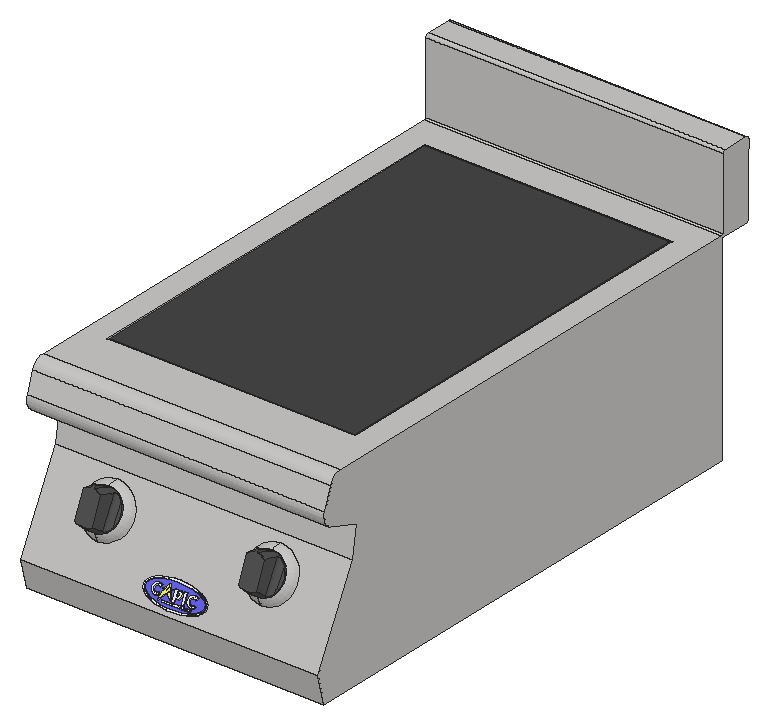
Revit family "QF_CAPIC_AVEN_W541611", category Equipement spécialisé, Revit 2018
Family settings
  Cote de connecteur circulaire = Utiliser le diamètre
  Type d'élément = Normal
  Numéro OmniClass = 23.40.40.14
  Titre OmniClass = Food Service Equipment
  Basée sur le plan de construction = Non
  Toujours verticalement = Oui
  Couper avec des vides une fois chargée = Non
  Partagée = Non
  Point de calcul de pièce = Non
Parameters (values of type "400 x 725 x 270 mm")
  URL catalogue = "http://www.capic-fr.com/fr/"
  Type de Raccord Plomberie [instance] = ""
  Type de Raccord Electrique [instance] = "Bornier interne"
  Type de Gaz = ""
  Type article [instance] = ""
  Tension = 4000 V
  Spécification du Fabricant = ""
  Show Logo = yes
  Remarques evacuation [instance] = ""
  Remarques Plomberie [instance] = ""
  Remarques Electricité [instance] = "400Vx3 +T"
  Puissance électrique  = 7600 W
  Puissance Gaz kW = 0
  Profondeur hors tout = 725 mm
  Pression Maximum Eau Adoucie = 0.0 Pa
  Poids net à vide = 35.00 kg
  Phase = 0
  Modèle = "W541611"
  Longueur hors tout = 400 mm
  Intensité nominale = 0 A
  Hauteur hors tout = 390 mm
  Hauteur de Raccordement du Sol Finis = 0 mm
  Hauteur de Raccordement Gaz du Sol Finis = 0 mm
  Hauteur de Raccordement Evacuation Directe du Sol Finis = 0 mm
  Hauteur de Raccordement Eau Froide du Sol Finis = 0 mm
  Hauteur de Raccordement Eau Chaude du Sol Finis = 0 mm
  Hauteur de Raccordement Eau Adoucie du Sol Finis = 0 mm
  Fréquence = 50 Hz
  Fabricant = "CAPIC"
  Débit d'air d'extraction = 0.0 m³/h
  Débit Gaz = 0.0 L/s
  Débit Eau Froide = 0.0 L/s
  Débit Eau Chaude = 0.0 L/s
  Débit Eau Adoucie = 0.0 L/s
  Diamètre de Raccordement Gaz = 0 mm
  Diamètre de Raccordement Evacuation = 0 mm
  Diamètre de Raccordement Eau Froide = 0 mm
  Diamètre de Raccordement Eau Chaude = 0 mm
  Diamètre de Raccordement Eau Adoucie = 0 mm
  Description = "2 Foyers rayonnants"
  Assembly Code = ""
  Classification  Omniclass nombre et titre = "23.40.40.14"
Reference planes
  plane 1 "Centre (avant/arrière)": y = 0
  plane 2: z = 0
  plane 3 "Centre (gauche/droite)": x = 0
  plane 4: x = 400
Forms (mm)
  Extrusion 1, solid, material "QF_Stainless Steel-Brushed"
    sketch origin (0, -45.05, 638) x (0, 1, 0) y (0, 0, 1)
      loop
        line (1.05, 270.397) -> (-641.347, 270.397)
        arc (-641.347, 270.397) -> (-651.671, 267.142) -> (-658.261, 258.553) r 18
        line (-658.261, 258.553) -> (-667.837, 232.245)
        arc (-667.837, 232.245) -> (-667.236, 218.482) -> (-657.078, 209.174) r 18
        line (-657.078, 209.174) -> (-613.251, 193.222) -> (-619.754, 152.161) -> (-680.074, 38.717) -> (-668.972, 0) -> (0, 0) -> (0, 268.397) -> (42.05, 268.397) -> (44.05, 270.397) -> (44.05, 356.397) -> (45.05, 356.397) -> (45.05, 368.397)
        arc (45.05, 368.397) -> (43.878, 371.225) -> (41.05, 372.397) r 4
        line (41.05, 372.397) -> (7.05, 372.397)
        arc (7.05, 372.397) -> (4.222, 371.225) -> (3.05, 368.397) r 4
        line (3.05, 368.397) -> (3.05, 272.397)
        arc (3.05, 272.397) -> (2.464, 270.983) -> (1.05, 270.397) r 2
    from 0 to 400
  Extrusion 2, void
    sketch origin (0, -44, 908.397) x (1, 0, 0) y (0, -1, 0)
      loop
        line (33, 42) -> (367, 42) -> (367, 576) -> (33, 576) -> (33, 42)
    from 0 to 20
  Extrusion 3, solid, material "QF_Metal Sheet-Black"
    sketch origin (0, -44, 908.397) x (0, -1, 0) y (1, 0, 0)
      loop
        line (44, 365) -> (44, 35) -> (574, 35) -> (574, 365) -> (44, 365)
    from 0 to -6
Cuts and joins
  Extrusion 2 cuts Extrusion 1
Dimensions and locks
  "Longueur hors tout": plane 3 "Centre (gauche/droite)" to plane 4
  aligned and locked: level to plane 2
  aligned and locked: plane 4 to Extrusion 1
  aligned and locked: Extrusion 1 to plane 3 "Centre (gauche/droite)"
Automatic sketch dimensions
  level to Extrusion 1 sketch curve = 638 mm
  plane 1 "Centre (avant/arrière)" to Extrusion 1 sketch curve = 45.05 mm
  level to Extrusion 1 sketch curve = 831.222 mm
  plane 1 "Centre (avant/arrière)" to Extrusion 1 sketch curve = 658.301 mm
  level to Extrusion 1 sketch curve = 790.161 mm
  Extrusion 1 sketch curve to Extrusion 1 sketch curve = 6.503 mm
  Extrusion 1 sketch curve to Extrusion 1 sketch curve = 28.096 mm
  Extrusion 1 sketch curve to Extrusion 1 sketch curve = 9.575 mm
  level to Extrusion 1 sketch curve = 847.174 mm
  Extrusion 1 sketch curve to Extrusion 1 sketch curve = 6.156 mm  (x2)
  level to Extrusion 1 sketch curve = 896.553 mm
  Extrusion 1 sketch curve to Extrusion 1 sketch curve = 16.914 mm  (x2)
  level to Extrusion 1 sketch curve = 870.245 mm
  Extrusion 1 sketch curve to Extrusion 1 sketch curve = 49.218 mm
  level to Extrusion 1 sketch curve = 676.717 mm
  Extrusion 1 sketch curve to Extrusion 1 sketch curve = 11.102 mm
  plane 1 "Centre (avant/arrière)" to Extrusion 1 sketch curve = 44 mm
  plane 1 "Centre (avant/arrière)" to Extrusion 1 sketch curve = 42 mm
  Extrusion 1 sketch curve to Extrusion 1 sketch curve = 4 mm  (x2)
  Extrusion 1 sketch curve to Extrusion 1 sketch curve = 34 mm
  Extrusion 1 sketch curve to Extrusion 1 sketch curve = 39 mm
  Extrusion 1 sketch curve to Extrusion 1 sketch curve = 3 mm
  Extrusion 1 sketch curve to Extrusion 1 sketch curve = 1 mm
  Extrusion 1 sketch curve to Extrusion 1 sketch curve = 2 mm
  Extrusion 1 sketch curve to Extrusion 1 sketch curve = 86 mm
  Extrusion 1 sketch curve to Extrusion 1 sketch curve = 12 mm
  Extrusion 1 to Extrusion 2 sketch curve = 42 mm
  Extrusion 1 to Extrusion 2 sketch curve = 33 mm  (x2)
  Extrusion 1 to Extrusion 2 sketch curve = 66.397 mm
  Extrusion 1 to Extrusion 3 sketch curve = 44 mm
  Extrusion 1 to Extrusion 3 sketch curve = 68.397 mm
  Extrusion 1 to Extrusion 3 sketch curve = 35 mm  (x2)
Nested families
  nested 1: "QF_Details_LogoCapic" at (200, -713.73, 698.145) x (1, 0, 0) z (0, -0.8829, 0.4695), visible <- "Show Logo", type "QF_Details_LogoCapic"
  nested 2: "QF_Details_BoutonCde_face" at (90, -685.811, 750.653) x (1, 0, 0) z (0, -0.8829, 0.4695), type "QF_Details_BoutonCde_face"
  nested 3: "QF_Details_BoutonCde_face" at (310, -685.811, 750.653) x (1, 0, 0) z (0, -0.8829, 0.4695), type "QF_Details_BoutonCde_face"
Definition of nested family "QF_Details_LogoCapic"
  Parameters (values of type "QF_Details_LogoCapic")
    Default Elevation = 1219.2 mm
  Reference planes
    plane 1 "Centre (avant/arrière)": y = 0
    plane 2: z = 0
    plane 3 "Centre (gauche/droite)": x = 0
  Forms (mm)
    Extrusion 1, solid
      sketch origin (0, 0, 0) x (1, 0, 0) y (0, 1, 0)
        loop
          line (-1219.2, 1219.2) -> (-1219.2, -1219.2) -> (1219.2, -1219.2) -> (1219.2, 1219.2) -> (-1219.2, 1219.2)
      from 0 to -304.8
    Extrusion 2, solid
      sketch origin (0, 0, 0) x (1, 0, 0) y (0, 1, 0)
        loop
          spline (42.486, 0) -> (41.038, 4.53) -> (36.793, 8.751) -> (30.041, 12.376) -> (21.24, 15.157) -> (10.992, 16.906) -> (-0.005, 17.502) -> (-11.003, 16.906) -> (-21.251, 15.157) -> (-30.051, 12.376) -> (-36.804, 8.751) -> (-41.048, 4.53) -> (-42.496, 0)
          spline (-42.496, 0) -> (-41.048, -4.53) -> (-36.804, -8.751) -> (-30.051, -12.376) -> (-21.251, -15.157) -> (-11.003, -16.906) -> (-0.005, -17.502) -> (10.992, -16.906) -> (21.24, -15.157) -> (30.041, -12.376) -> (36.793, -8.751) -> (41.038, -4.53) -> (42.486, 0)
        loop
          spline (40.459, 0) -> (39.08, 4.005) -> (35.038, 7.737) -> (28.607, 10.942) -> (20.227, 13.401) -> (10.468, 14.947) -> (-0.005, 15.474) -> (-10.478, 14.947) -> (-20.237, 13.401) -> (-28.618, 10.942) -> (-35.048, 7.737) -> (-39.091, 4.005) -> (-40.47, 0)
          spline (-40.47, 0) -> (-39.091, -4.005) -> (-35.048, -7.737) -> (-28.618, -10.942) -> (-20.237, -13.401) -> (-10.478, -14.947) -> (-0.005, -15.474) -> (10.468, -14.947) -> (20.227, -13.401) -> (28.607, -10.942) -> (35.038, -7.737) -> (39.08, -4.005) -> (40.459, 0)
      from 0 to 1
    Extrusion 3, solid
      sketch origin (0, 0, 0) x (1, 0, 0) y (0, 1, 0)
        loop
          spline (-40.47, 0) -> (-39.085, -4.012) -> (-35.047, -7.734) -> (-28.617, -10.941) -> (-20.237, -13.401) -> (-10.478, -14.946) -> (-0.005, -15.474) -> (10.468, -14.947) -> (20.227, -13.401) -> (28.606, -10.942) -> (35.038, -7.737) -> (39.081, -4.004) -> (40.459, 0)
          spline (40.459, 0) -> (39.075, 4.012) -> (35.037, 7.734) -> (28.607, 10.941) -> (20.227, 13.401) -> (10.467, 14.946) -> (-0.005, 15.474) -> (-10.478, 14.947) -> (-20.237, 13.401) -> (-28.617, 10.942) -> (-35.048, 7.737) -> (-39.091, 4.004) -> (-40.47, 0)
      from 0 to 1
    Extrusion 4, solid
      sketch origin (0, 0, 0.5) x (1, 0, 0) y (0, 1, 0)
        loop
          line (-20.944, 3.897) -> (-18.992, 5.849)
          arc (-18.992, 5.849) -> (-30.967, 0.712) -> (-18.902, -4.211) r 7.063
          line (-18.902, -4.211) -> (-20.854, -2.259)
          arc (-20.854, -2.259) -> (-28.207, 0.712) -> (-20.944, 3.897) r 4.303
      from 0 to 1
    Extrusion 5, solid
      sketch origin (0, 0, 0.5) x (1, 0, 0) y (0, 1, 0)
        loop
          line (-1.061, 7.837) -> (-1.061, -6.288) -> (1.738, -6.288) -> (1.738, -2.065) -> (4.782, -2.065)
          spline (4.782, -2.065) -> (5.836, -1.896) -> (6.819, -1.402) -> (7.663, -0.615) -> (8.311, 0.411) -> (8.718, 1.605) -> (8.856, 2.886) -> (8.718, 4.168) -> (8.311, 5.362) -> (7.663, 6.387) -> (6.819, 7.174) -> (5.836, 7.669) -> (4.782, 7.837)
          line (4.782, 7.837) -> (-1.061, 7.837)
        loop
          line (1.738, 5.077) -> (1.738, 0.775) -> (4.418, 0.775)
          spline (4.418, 0.775) -> (4.819, 0.848) -> (5.193, 1.063) -> (5.514, 1.405) -> (5.761, 1.85) -> (5.916, 2.369) -> (5.969, 2.926) -> (5.916, 3.483) -> (5.761, 4.002) -> (5.514, 4.447) -> (5.193, 4.789) -> (4.819, 5.004) -> (4.418, 5.077)
          line (4.418, 5.077) -> (1.738, 5.077)
      from 0 to 1
    Extrusion 6, solid
      sketch origin (0, 0, 0.5) x (1, 0, 0) y (0, 1, 0)
        loop
          line (11.122, 7.837) -> (11.122, -6.288) -> (14.009, -6.288) -> (14.009, 7.837) -> (11.122, 7.837)
      from 0 to 1
    Extrusion 7, solid
      sketch origin (47.835, 0, 0.5) x (1, 0, 0) y (0, 1, 0)
        loop
          line (-20.944, 3.897) -> (-18.992, 5.849)
          arc (-18.992, 5.849) -> (-30.967, 0.712) -> (-18.902, -4.211) r 7.063
          line (-18.902, -4.211) -> (-20.854, -2.259)
          arc (-20.854, -2.259) -> (-28.207, 0.712) -> (-20.944, 3.897) r 4.303
      from 0 to 1
    Extrusion 8, solid
      sketch origin (0, 0, 0.5) x (1, 0, 0) y (0, 1, 0)
        loop
          line (-14.086, -8.467) -> (-14.086, -10.703) -> (-0.382, -10.703) -> (-0.382, -8.467) -> (-14.086, -8.467)
        loop
          line (1.692, -7.694) -> (1.692, -10.703) -> (10.598, -10.703) -> (10.598, -7.694) -> (1.692, -7.694)
        loop
          circle (14.095, -9.117) r 1.311
        loop
          circle (18.365, -9.117) r 1.311
        loop
          circle (22.635, -9.117) r 1.311
      from 0 to 1
    Extrusion 9, solid
      sketch origin (0, 0, 0.5) x (1, 0, 0) y (0, 1, 0)
        loop
          arc (-10.078, 10.027) -> (-16.152, 0.742) -> (-18.987, -9.985) r 34.734
          arc (-18.987, -9.985) -> (-13.545, -2.96) -> (-7.054, 3.109) r 55.667
          line (-7.054, 3.109) -> (-10.078, 10.027)
        loop
          line (-10.891, 5.813) -> (-12.476, 3.068) -> (-9.306, 3.068) -> (-10.891, 5.813)
      from 0 to 1
    Extrusion 10, solid
      sketch origin (0, 0, 0.5) x (1, 0, 0) y (0, 1, 0)
        loop
          line (-17.978, 3.413) -> (-16.228, 2.092) -> (-14.209, 5.589) -> (-17.978, 3.413)
        loop
          line (-7.246, 5.196) -> (-6.474, 3.433) -> (-3.608, 5.838) -> (-7.246, 5.196)
        loop
          line (-10.905, -1.415) -> (-2.534, -6.652) -> (-6.862, 2.629) -> (-10.905, -1.415)
      from 0 to 1
  Dimensions and locks
    aligned and locked: plane 2 to Extrusion 1
    aligned and locked: level to Extrusion 1
Definition of nested family "QF_Details_BoutonCde_face"
  Parameters (values of type "QF_Details_BoutonCde_face")
    Default Elevation = 1219.2 mm
  Reference planes
    plane 1 "Centre (avant/arrière)": y = 0
    plane 2: z = 0
    plane 3 "Centre (gauche/droite)": x = 0
  Forms (mm)
    Extrusion 1, solid
      sketch origin (0, 0, 0) x (1, 0, 0) y (0, 1, 0)
        loop
          line (-1219.2, 1219.2) -> (-1219.2, -1219.2) -> (1219.2, -1219.2) -> (1219.2, 1219.2) -> (-1219.2, 1219.2)
      from 0 to -304.8
    Revolve 2, solid
      sketch origin (0, -424.122, 22.212) x (0, 0, -1) y (0, 1, 0)
        loop
          arc (5.871, 449.971) -> (-8.423, 448.326) -> (-22.417, 444.983) r 120.076
          line (-22.417, 444.983) -> (-22.417, 424.125) -> (5.871, 424.125) -> (5.871, 449.971)
        axis (5.871, 424.125) -> (-22.417, 424.125)
      angle from 0 to 360
    Extrusion 3, void
      sketch origin (0, -424.122, 22.212) x (1, 0, 0) y (0, 0, -1)
        loop
          line (-20.046, 5.019) -> (-26.533, 5.019) -> (-26.533, -26.12) -> (-11.799, -26.12) -> (-12.009, -22.113) -> (-13.084, -1.588)
          arc (-13.084, -1.588) -> (-15.247, 3.104) -> (-20.046, 5.019) r 6.971
      from 398.385 to 449.971
    Extrusion 4, void
      sketch origin (0, -424.122, 22.212) x (-1, 0, 0) y (0, 0, 1)
        loop
          arc (-20.046, -5.019) -> (-15.247, -3.104) -> (-13.084, 1.588) r 6.971
          line (-13.084, 1.588) -> (-12.009, 22.113) -> (-11.799, 26.12) -> (-26.533, 26.12) -> (-26.533, -5.019) -> (-20.046, -5.019)
      from 398.385 to 449.971
    Extrusion 5, solid
      sketch origin (0, -424.122, 22.212) x (1, 0, 0) y (0, 1, 0)
        loop
          line (-1.769, 450.075) -> (-1.769, 444.575) -> (1.769, 444.575) -> (1.769, 450.075) -> (-1.769, 450.075)
      from -5.871 to 22.417
    Revolve 6, solid
      sketch origin (0, -424.122, 22.212) x (0, 0, -1) y (0, 1, 0)
        loop
          arc (17.212, 458.76) -> (10.984, 455.085) -> (5.871, 449.971) r 28.739
          line (5.871, 449.971) -> (5.871, 424.122) -> (17.212, 424.122) -> (17.212, 458.76)
        axis (17.212, 424.122) -> (5.871, 424.122)
      angle from 0 to 360
    Extrusion 7, void
      sketch origin (0, -597.063, -962.31) x (0, 0.156434, -0.987688) y (0, 0.987688, 0.156434)
        loop
          line (-897.081, 772.866) -> (-914.868, 772.866) -> (-914.868, 714.91) -> (-901.134, 714.91) -> (-897.081, 772.866)
      from -22.625 to 23.018
  Cuts and joins
    Extrusion 3, Extrusion 4, Extrusion 7 cuts Revolve 2
    Extrusion 7 cuts Extrusion 5
    joined: Revolve 2, Extrusion 5
  Dimensions and locks
    aligned and locked: plane 2 to Extrusion 1
    aligned and locked: level to Extrusion 1
